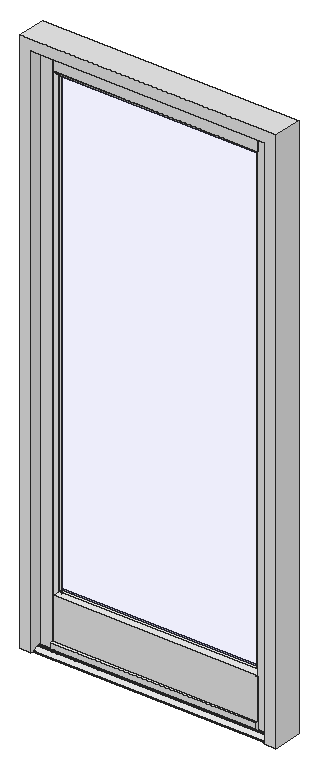
Revit family "kawneer-190-sgl-ctr-01_17316", category Doors, host Wall, Revit 2015
Parameters (values of type "3' x 7' B.R. 7 1/2"")
  URL = "http://www.kawneer.com/kawneer/north_america/en/product.asp?cat_id=1339&prod_id=1816"
  Type Comments = "CENTER HUNG"
  Thickness = 0' - 1 3/4"
  Rough Width = Width + 0' 4"  # 3' - 4"
  Rough Height = Height + 0' 2"  # 7' - 2"
  Product data url = "https://bimobject.com/kawneerna/product/16342"
  Operation = ""
  Model = "Single 190 Narrow Stile Door Center Set B.R. 7 1/2\""
  Manufacturer = "Kawneer"
  Height = 7' - 0"
  Wall Closure = By host
  Width = 3' - 0"
  Function = Interior
  Door Panel = Kawneer - Fluropon_Bone White-391X035
  Door Glazing = Glass
  Door Frame = Kawneer - Fluropon_Bone White-391X035
  Description = "The 190 Narrow Stile Entrance is enginResults in a slim look that meets virtually all construction requirements\r\neered for moderate traffic in applications such as stores, offices and apartment buildings. Vertical stile measures 2-1/8\" (54); top rail 2-1/4\" (57.2) and bottom rail 3-7/8\" (98.4).  "
  Bottom Rail Height = 0' - 7 1/2"
  Assembly Code = "B2030110"
Types (2): name | Model | Bottom Rail Height
  3' x 7' B.R. 3 7/8" | "Single 190 Narrow Stile Door Center Set B.R. 3 7/8\"" | 0' - 3 7/8"
  3' x 7' B.R. 7 1/2" | "Single 190 Narrow Stile Door Center Set B.R. 7 1/2\"" | 0' - 7 1/2"
Reference planes (in)
  plane 1: y = 0
  plane 2 "Center": x = 0
  plane 3 "Left": x = -18
  plane 4 "Right": x = 18
  plane 5 "Top": z = 84
  plane 6 "Glass center": y = 0.125
  plane 7: z = 8.1875
  plane 8: z = 0.6875
  plane 9: x = 16.03125
  plane 10: x = -16.03125
Forms (in)
  Sweep 1, solid, material "Kawneer - Fluropon_Bone White-391X035" <- "Door Frame"
    path origin (-60, 3, 0) x (-1, 0, 0) y (0, 0, 1)
      loop
        line (-78, 0) -> (-78, 84) -> (-42, 84) -> (-42, 0)
    profile origin (0, 0, 42) x (1, 0, 0) y (0, 1, 0)
      loop
        line (20, 2.25) -> (18.25, 2.25) -> (18.25, -2.25) -> (20, -2.25) -> (20, 2.25)
  Extrusion 2, solid, material "Glass" <- "Door Glazing"
    sketch origin (0, 0.125, 0) x (1, 0, 0) y (0, 0, 1)
      loop
        line (16, 8.375) -> (16, 82) -> (-15.84375, 82) -> (-15.84375, 8.375) -> (16, 8.375)
    from 0 to 0.25
  Extrusion 3, solid, material "Kawneer - Fluropon_Bone White-391X035" <- "Door Panel"
    sketch origin (0, -0.125, 0) x (0, 1, 0) y (0, 0, 1)
      loop
        line (-0.75, 84) -> (-0.75, 81.625) -> (-0.68484, 81.625) -> (-0.24521, 81.095) -> (-0.15138, 81.095) -> (0, 80.96232) -> (0, 81.4375) -> (0.24999, 81.4375) -> (0.24999, 80.94982) -> (0.40117, 81.095) -> (0.49715, 81.095) -> (0.93677, 81.625) -> (1, 81.625) -> (1, 84) -> (0.888, 84) -> (0.888, 83.25) -> (-0.612, 83.25) -> (-0.612, 84) -> (-0.75, 84)
    from -16.03125 to 16.03125
  Extrusion 4, solid, material "Kawneer - Fluropon_Bone White-391X035" <- "Door Panel"
    sketch origin (0, -1.625, 0.15278) x (0, 1, 0) y (0, 0, 1)
      loop
        line (2.5, 0.53472) -> (2.5, 8.03472) -> (2.43512, 8.03472) -> (2.0085, 8.56703) -> (1.94736, 8.56703)
        arc (1.94736, 8.56703) -> (1.82437, 8.6428) -> (1.75, 8.76663) r 0.30526
        line (1.75, 8.76663) -> (1.75, 8.22222) -> (1.5, 8.22222) -> (1.5, 8.76663)
        arc (1.5, 8.76663) -> (1.42562, 8.6428) -> (1.30264, 8.56703) r 0.30526
        line (1.30264, 8.56703) -> (1.2675, 8.56703) -> (0.82596, 8.03472) -> (0.75, 8.03472) -> (0.75, 1.5921) -> (0.51155, 1.52781) -> (0.51155, 0.64322) -> (0.59155, 0.64322) -> (0.71055, 0.41022)
        arc (0.71055, 0.41022) -> (0.74752, 0.3939) -> (0.76384, 0.43087) r 0.02858
        line (0.76384, 0.43087) -> (0.68155, 0.64322) -> (0.75, 0.64322) -> (0.75, 0.53472) -> (0.888, 0.53472) -> (0.888, 1.25347) -> (2.388, 1.25347) -> (2.388, 0.53472) -> (2.5, 0.53472)
      loop
        line (0.901, 1.37847) -> (2.375, 1.37847) -> (2.375, 7.53572)
        arc (2.375, 7.53572) -> (2.25594, 7.55359) -> (2.201, 7.66072) r 0.1319
        line (2.201, 7.66072) -> (2.201, 7.84722) -> (1.075, 7.84722) -> (1.075, 7.66072)
        arc (1.075, 7.66072) -> (1.02006, 7.55359) -> (0.901, 7.53572) r 0.1319
        line (0.901, 7.53572) -> (0.901, 1.37847)
    from -16.03125 to 16.03125
  Extrusion 5, solid, material "Kawneer - Fluropon_Bone White-391X035" <- "Door Frame"
    sketch origin (0, -1.625, 0) x (0, 1, 0) y (0, 0, 1)
      loop
        line (2.40824, 0.342) -> (2.82032, 0.342) -> (3.31016, 0.1166)
        arc (3.31016, 0.1166) -> (3.33645, 0.09372) -> (3.34624, 0.06027) r 0.062
        line (3.34624, 0.06027) -> (3.34624, 0) -> (3.62824, 0) -> (3.62824, 0.10205)
        arc (3.62824, 0.10205) -> (3.62318, 0.11931) -> (3.60962, 0.13112) r 0.032
        line (3.60962, 0.13112) -> (2.80798, 0.5) -> (2.67111, 0.5)
        arc (2.67111, 0.5) -> (2.63911, 0.468) -> (2.60711, 0.5) r 0.032
        line (2.60711, 0.5) -> (2.45311, 0.5)
        arc (2.45311, 0.5) -> (2.42111, 0.468) -> (2.38911, 0.5) r 0.032
        line (2.38911, 0.5) -> (2.25324, 0.5) -> (2.25324, 0.45) -> (1.00324, 0.45) -> (1.00324, 0.5) -> (0.86737, 0.5)
        arc (0.86737, 0.5) -> (0.83537, 0.468) -> (0.80337, 0.5) r 0.032
        line (0.80337, 0.5) -> (0.64937, 0.5)
        arc (0.64937, 0.5) -> (0.61737, 0.468) -> (0.58537, 0.5) r 0.032
        line (0.58537, 0.5) -> (0.4485, 0.5) -> (-0.35314, 0.13112)
        arc (-0.35314, 0.13112) -> (-0.36671, 0.11931) -> (-0.37176, 0.10205) r 0.032
        line (-0.37176, 0.10205) -> (-0.37176, 0) -> (-0.08976, 0) -> (-0.08976, 0.06027)
        arc (-0.08976, 0.06027) -> (-0.07997, 0.09372) -> (-0.05368, 0.1166) r 0.062
        line (-0.05368, 0.1166) -> (0.43616, 0.342) -> (0.84724, 0.342) -> (0.84724, 0.28492) -> (2.40824, 0.28492) -> (2.40824, 0.342)
    from -18.25 to 18.25
  Extrusion 6, solid, material "Kawneer - Fluropon_Bone White-391X035" <- "Door Panel"
    sketch origin (18.13178, 0, 0) x (-1, 0, 0) y (0, -1, 0)
      loop
        line (0.22766, -0.875) -> (2.10053, -0.875) -> (2.10053, -0.81012) -> (2.63053, -0.3705) -> (2.63053, -0.30936)
        arc (2.63053, -0.30936) -> (2.69364, -0.19967) -> (2.79581, -0.125) r 0.30526
        line (2.79581, -0.125) -> (2.28803, -0.125) -> (2.28803, 0.125) -> (2.79581, 0.125)
        arc (2.79581, 0.125) -> (2.69364, 0.19967) -> (2.63053, 0.30936) r 0.30526
        line (2.63053, 0.30936) -> (2.63053, 0.3705) -> (2.10053, 0.81012) -> (2.10053, 0.875) -> (0.22765, 0.875)
        arc (0.22765, 0.875) -> (0.12658, 0.56805) -> (0.06928, 0.25) r 2.3125
        line (0.06928, 0.25) -> (0.25578, 0.25)
        arc (0.25578, 0.25) -> (0.31928, 0.312) -> (0.38178, 0.249) r 0.063
        line (0.38178, 0.249) -> (0.38178, -0.249)
        arc (0.38178, -0.249) -> (0.31928, -0.312) -> (0.25578, -0.25) r 0.063
        line (0.25578, -0.25) -> (0.06928, -0.25)
        arc (0.06928, -0.25) -> (0.12658, -0.56805) -> (0.22766, -0.875) r 2.3125
    from 0.6875 to 84
  Extrusion 7, solid, material "Kawneer - Fluropon_Bone White-391X035" <- "Door Panel"
    sketch origin (-18.13178, 0, 0) x (1, 0, 0) y (0, 1, 0)
      loop
        arc (0.22766, 0.875) -> (0.12658, 0.56805) -> (0.06928, 0.25) r 2.3125
        line (0.06928, 0.25) -> (0.25578, 0.25)
        arc (0.25578, 0.25) -> (0.31928, 0.312) -> (0.38178, 0.249) r 0.063
        line (0.38178, 0.249) -> (0.38178, -0.249)
        arc (0.38178, -0.249) -> (0.31928, -0.312) -> (0.25578, -0.25) r 0.063
        line (0.25578, -0.25) -> (0.06928, -0.25)
        arc (0.06928, -0.25) -> (0.12658, -0.56805) -> (0.22765, -0.875) r 2.3125
        line (0.22765, -0.875) -> (2.10053, -0.875) -> (2.10053, -0.81012) -> (2.63053, -0.3705) -> (2.63053, -0.30936)
        arc (2.63053, -0.30936) -> (2.69364, -0.19967) -> (2.79581, -0.125) r 0.30526
        line (2.79581, -0.125) -> (2.28803, -0.125) -> (2.28803, 0.125) -> (2.79581, 0.125)
        arc (2.79581, 0.125) -> (2.69364, 0.19967) -> (2.63053, 0.30936) r 0.30526
        line (2.63053, 0.30936) -> (2.63053, 0.3705) -> (2.10053, 0.81012) -> (2.10053, 0.875) -> (0.22766, 0.875)
    from 0.6875 to 84
Lines and regions (in)
  Opening 1
    outline origin (-90, -3, 0) x (1, 0, 0) y (0, 0, 1)
      loop
        line (70, 0) -> (110, 0) -> (110, 86) -> (70, 86) -> (70, 0)
  symbolic lines, style "Elevation Swing"
    curve 1: line (18, 3, 0) -> (-18, 3, 42)
    curve 2: line (-18, 3, 42) -> (18, 3, 84)
  symbolic lines
    curve 3: line (-18, 1, 0) -> (-16.25, 1, 0)
    curve 4: line (-18, 38.25, 0) -> (-18, 1, 0)
    curve 5: line (-16.25, 38.25, 0) -> (-18, 38.25, 0)
    curve 6: line (-16.25, 1, 0) -> (-16.25, 38.25, 0)
    curve 7: arc (-18, 38.25, 0) -> (7.45584, 27.70584, 0) -> (18, 2.25, 0) r 36
Text (in)
  text "Exterior" at (-58.67754, 27.31104, 0), in view "Floor Line"
  text "Interior" at (-58.34764, -25.14366, 0), in view "Floor Line"
  text "Exterior" at (0, 40.15149, 123.01588), in view "Right"
  text "Interior" at (0, -64.39139, 123.01588), in view "Right"
  text "Interior" at (0, -31.01599, 123.00693), in view "Left"
  text "Exterior" at (0, 54.57065, 123.00693), in view "Left"
Dimensions and locks (in)
  equal spacing: plane 3 "Left", plane 2 "Center", plane 4 "Right"
  "Height": level to plane 5 "Top"
  "Width": plane 3 "Left" to plane 4 "Right"
  equal spacing: host wall, curve 2, plane 5 "Top"
  locked: plane 4 "Right" to Opening 1 sketch curve at 2
  locked: Opening 1 sketch curve to plane 3 "Left" at 2
  locked: plane 5 "Top" to Opening 1 sketch curve at 2
  locked: Sweep 1 sketch curve to Sweep 1 sketch curve at 4.5
  locked: profile plane to Sweep 1 sketch curve at 2
  "Width": curve 5 to Sweep 1
  "Thickness": plane 3 "Left" to curve 6
  locked: Sweep 1 to Sweep 1 at 1.75  (x2)
  locked: Extrusion 3 sketch curve to plane 5 "Top" at 2.375
  locked: plane 8 to level at 0.6875
  "Bottom Rail Height": plane 7 to plane 8
  locked: Extrusion 3 sketch curve to Extrusion 3 sketch curve at 1.75
  Extrusion 3 to host wall = 0' - 2 1/8"
  equal spacing: Sweep 1 sketch curve, host wall, Sweep 1 sketch curve
  locked: plane 9 to plane 4 "Right" at 1.96875
  locked: Extrusion 7 sketch curve to Extrusion 7 sketch curve at 2.03126
  locked: plane 3 "Left" to plane 10 at 1.96875
  aligned and locked: Opening 1 sketch curve to level
  aligned and locked: plane 4 "Right" to curve 1
  aligned and locked: plane 3 "Left" to curve 1
  aligned and locked: plane 5 "Top" to curve 2
  aligned and locked: plane 4 "Right" to Sweep 1 sketch curve
  aligned and locked: Sweep 1 sketch curve to plane 3 "Left"
  aligned and locked: plane 5 "Top" to Sweep 1 sketch curve
  aligned and locked: Extrusion 3 sketch curve to Extrusion 3 sketch curve
  aligned and locked: plane 7 to Extrusion 4 sketch curve  (x2)
  aligned and locked: Extrusion 2 to Extrusion 4
  aligned and locked: plane 8 to Extrusion 4
  aligned and locked: Extrusion 3 to plane 5 "Top"  (x2)
  aligned and locked: plane 9 to Extrusion 6
  aligned and locked: Extrusion 6 to plane 9
  aligned and locked: plane 9 to Extrusion 4
  aligned and locked: plane 10 to Extrusion 3
  aligned and locked: plane 9 to Extrusion 3
  aligned and locked: Extrusion 7 sketch curve to Extrusion 7 sketch curve
  aligned and locked: plane 10 to Extrusion 7
  aligned and locked: Extrusion 2 to Extrusion 7
  aligned and locked: Extrusion 5 to Sweep 1  (x2)
  aligned and locked: Extrusion 4 to Extrusion 7
Automatic sketch dimensions
  curve 3 to plane 3 "Left" = 0' - 0"
  curve 7 to plane 4 "Right" = 0' - 0"
  curve 3 to plane 6 "Glass center" = 0' - 0 7/8"
  curve 1 to level = 0' - 0"
  curve 2 to plane 4 "Right" = 0' - 0"
  Sweep 1 sketch curve to level = 0' - 0"  (x2)
  Sweep 1 sketch curve to profile plane = 0' - 0 1/4"
  Extrusion 2 sketch curve to plane 10 = 0' - 0 3/16"
  Extrusion 2 sketch curve to plane 9 = 0' - 0 1/32"
  plane 7 to Extrusion 2 sketch curve = 0' - 0 3/16"
  plane 5 "Top" to Extrusion 2 sketch curve = 0' - 2"
  Extrusion 3 sketch curve to plane 5 "Top" = 0' - 0"  (x2)
  Extrusion 3 sketch curve to plane 6 "Glass center" = 0' - 0"
  host wall to Extrusion 3 sketch curve = 0' - 0 1/8"
  Extrusion 3 sketch curve to Extrusion 3 sketch curve = 0' - 0.15138"
  Extrusion 3 sketch curve to Extrusion 3 sketch curve = 0' - 0.09383"
  host wall to Extrusion 3 sketch curve = 0' - 0.737"
  Extrusion 3 sketch curve to Extrusion 3 sketch curve = 0' - 0.43962"
  Extrusion 3 sketch curve to Extrusion 3 sketch curve = 0' - 0.138"
  Extrusion 3 sketch curve to plane 6 "Glass center" = 0' - 0.15117"
  Extrusion 3 sketch curve to Extrusion 3 sketch curve = 0' - 0.09598"
  Extrusion 3 sketch curve to Extrusion 3 sketch curve = 0' - 0.112"
  Extrusion 3 sketch curve to Extrusion 3 sketch curve = 0' - 0.06323"
  Extrusion 3 sketch curve to Extrusion 3 sketch curve = 0' - 0 3/16"
  Extrusion 3 sketch curve to Extrusion 3 sketch curve = 0' - 0.3425"  (x2)
  Extrusion 3 sketch curve to Extrusion 3 sketch curve = 0' - 0.13269"
  Extrusion 3 sketch curve to Extrusion 3 sketch curve = 0' - 0.14518"
  plane 5 "Top" to Extrusion 3 sketch curve = 0' - 0 3/4"
  Extrusion 4 sketch curve to plane 8 = 0' - 0"  (x2)
  Extrusion 4 sketch curve to plane 6 "Glass center" = 0' - 0"
  host wall to Extrusion 4 sketch curve = 0' - 0 1/8"
  Extrusion 4 sketch curve to Extrusion 4 sketch curve = 0' - 0.19736"
  Extrusion 4 sketch curve to Extrusion 4 sketch curve = 0' - 0 9/256"
  Extrusion 4 sketch curve to Extrusion 4 sketch curve = 0' - 0.05894"
  host wall to Extrusion 4 sketch curve = 0' - 0.55"
  Extrusion 4 sketch curve to Extrusion 4 sketch curve = 0' - 0.1319"  (x2)
  Extrusion 4 sketch curve to Extrusion 4 sketch curve = 0' - 0.0421"  (x2)
  Extrusion 4 sketch curve to Extrusion 4 sketch curve = 0' - 0.013"
  Extrusion 4 sketch curve to Extrusion 4 sketch curve = 0' - 0.24904"
  Extrusion 4 sketch curve to plane 8 = 0' - 0.10384"
  Extrusion 4 sketch curve to Extrusion 4 sketch curve = 0' - 0.12416"
  Extrusion 4 sketch curve to Extrusion 4 sketch curve = 0' - 0.01384"
  Extrusion 4 sketch curve to Extrusion 4 sketch curve = 0' - 0.07596"
  Extrusion 4 sketch curve to Extrusion 4 sketch curve = 0' - 0.02665"  (x2)
  Extrusion 4 sketch curve to plane 8 = 0' - 0.1245"
  Extrusion 4 sketch curve to Extrusion 4 sketch curve = 0' - 0.06845"
  plane 8 to Extrusion 4 sketch curve = 0' - 0.1085"
  Extrusion 4 sketch curve to Extrusion 4 sketch curve = 0' - 0.09"
  Extrusion 4 sketch curve to Extrusion 4 sketch curve = 0' - 0.23845"
  Extrusion 4 sketch curve to plane 6 "Glass center" = 0' - 0.19736"
  Extrusion 4 sketch curve to Extrusion 4 sketch curve = 0' - 0.06114"
  Extrusion 4 sketch curve to plane 6 "Glass center" = 0' - 0.29144"
  Extrusion 4 sketch curve to plane 6 "Glass center" = 0' - 0.451"
  Extrusion 4 sketch curve to plane 6 "Glass center" = 0' - 0.638"
  Extrusion 4 sketch curve to Extrusion 4 sketch curve = 0' - 0.23412"
  Extrusion 4 sketch curve to Extrusion 4 sketch curve = 0' - 0.06488"
  Extrusion 4 sketch curve to Extrusion 4 sketch curve = 0' - 0"  (x2)
  plane 8 to Extrusion 4 sketch curve = 0' - 0 23/32"
  Extrusion 4 sketch curve to Extrusion 4 sketch curve = 0' - 0 1/8"
  Extrusion 4 sketch curve to Extrusion 4 sketch curve = 0' - 0.14935"
  Extrusion 4 sketch curve to Extrusion 4 sketch curve = 0' - 0.06429"
  Extrusion 4 sketch curve to plane 7 = 0' - 0.499"  (x2)
  Extrusion 4 sketch curve to Extrusion 4 sketch curve = 0' - 0.1865"
  plane 7 to Extrusion 4 sketch curve = 0' - 0 3/16"
  Extrusion 4 sketch curve to Extrusion 4 sketch curve = 0' - 0.34482"  (x2)
  Extrusion 4 sketch curve to Extrusion 4 sketch curve = 0' - 0.1996"
  Extrusion 5 sketch curve to level = 0' - 0"  (x2)
  level to Extrusion 5 sketch curve = 0' - 0.10205"  (x2)
  Extrusion 5 sketch curve to host wall = 0' - 1.00324"
  level to Extrusion 5 sketch curve = 0' - 0.13112"
  Extrusion 5 sketch curve to Extrusion 5 sketch curve = 0' - 0.01862"
  level to Extrusion 5 sketch curve = 0' - 0.06027"  (x2)
  Extrusion 5 sketch curve to Extrusion 5 sketch curve = 0' - 0 1/4"  (x2)
  level to Extrusion 5 sketch curve = 0' - 0.1166"
  Extrusion 5 sketch curve to Extrusion 5 sketch curve = 0' - 0.03608"
  level to Extrusion 5 sketch curve = 0' - 0.342"  (x2)
  Extrusion 5 sketch curve to Extrusion 5 sketch curve = 0' - 0.48984"
  Extrusion 5 sketch curve to plane 8 = 0' - 0 3/16"
  Extrusion 5 sketch curve to Extrusion 5 sketch curve = 0' - 0.01233"  (x2)
  Extrusion 5 sketch curve to Extrusion 5 sketch curve = 0' - 0.13687"  (x2)
  Extrusion 5 sketch curve to Extrusion 5 sketch curve = 0' - 0.032"  (x5)
  Extrusion 5 sketch curve to Extrusion 5 sketch curve = 0' - 0.154"  (x2)
  Extrusion 5 sketch curve to Extrusion 5 sketch curve = 0' - 0.01187"
  Extrusion 5 sketch curve to Extrusion 5 sketch curve = 0' - 0.13587"  (x2)
  Extrusion 5 sketch curve to plane 8 = 0' - 0.2375"
  Extrusion 5 sketch curve to plane 6 "Glass center" = 0' - 0.50324"
  Extrusion 5 sketch curve to Extrusion 5 sketch curve = 0' - 0.01913"
  Extrusion 5 sketch curve to Extrusion 5 sketch curve = 0' - 0.46392"
  Extrusion 5 sketch curve to Extrusion 5 sketch curve = 0' - 0.02592"
  Extrusion 5 sketch curve to Extrusion 5 sketch curve = 0' - 0.062"
  Extrusion 5 sketch curve to Extrusion 5 sketch curve = 0' - 0.01338"
  Extrusion 5 sketch curve to Extrusion 5 sketch curve = 0' - 0.05708"
  Extrusion 5 sketch curve to Extrusion 5 sketch curve = 0' - 0.05"
  Extrusion 6 sketch curve to Extrusion 6 sketch curve = 0' - 0"  (x2)
  Extrusion 6 sketch curve to plane 9 = 0' - 0"  (x2)
  Extrusion 6 sketch curve to plane 6 "Glass center" = 0' - 0"
  Extrusion 6 sketch curve to host wall = 0' - 0"
  plane 4 "Right" to Extrusion 6 sketch curve = 0' - 0 1/4"
  Extrusion 6 sketch curve to Extrusion 6 sketch curve = 0' - 0.063"  (x2)
  Extrusion 6 sketch curve to Extrusion 6 sketch curve = 0' - 0.06299"  (x2)
  plane 4 "Right" to Extrusion 6 sketch curve = 0' - 0.09587"  (x2)
  Extrusion 6 sketch curve to plane 4 "Right" = 0' - 0 1/16"  (x2)
  Extrusion 6 sketch curve to plane 9 = 0' - 0 3/16"
  Extrusion 6 sketch curve to Extrusion 6 sketch curve = 0' - 0.08019"
  Extrusion 6 sketch curve to Extrusion 6 sketch curve = 0' - 0.3425"  (x2)
  Extrusion 6 sketch curve to Extrusion 6 sketch curve = 0' - 0.16528"  (x2)
  host wall to Extrusion 6 sketch curve = 0' - 0 1/8"
  Extrusion 6 sketch curve to Extrusion 6 sketch curve = 0' - 0.2904"  (x2)
  Extrusion 6 sketch curve to plane 6 "Glass center" = 0' - 0.124"
  Extrusion 6 sketch curve to Extrusion 6 sketch curve = 0' - 0.18436"  (x2)
  Extrusion 6 sketch curve to Extrusion 6 sketch curve = 0' - 0.06114"  (x2)
  Extrusion 6 sketch curve to Extrusion 6 sketch curve = 0' - 0.06488"  (x2)
  host wall to Extrusion 6 sketch curve = 0' - 0.249"
  Extrusion 7 sketch curve to Extrusion 7 sketch curve = 0' - 0"  (x2)
  Extrusion 7 sketch curve to plane 6 "Glass center" = 0' - 0"
  Extrusion 7 sketch curve to host wall = 0' - 0"
  plane 3 "Left" to Extrusion 7 sketch curve = 0' - 0 1/16"  (x2)
  Extrusion 7 sketch curve to plane 3 "Left" = 0' - 0.09587"  (x2)
  Extrusion 7 sketch curve to plane 3 "Left" = 0' - 0.124"  (x2)
  Extrusion 7 sketch curve to Extrusion 7 sketch curve = 0' - 0.06299"  (x2)
  Extrusion 7 sketch curve to Extrusion 7 sketch curve = 0' - 0.063"
  Extrusion 7 sketch curve to plane 6 "Glass center" = 0' - 0.68512"
  Extrusion 7 sketch curve to Extrusion 7 sketch curve = 0' - 0 3/16"
  Extrusion 7 sketch curve to Extrusion 7 sketch curve = 0' - 0.08019"
  host wall to Extrusion 7 sketch curve = 0' - 0.3705"
  Extrusion 7 sketch curve to Extrusion 7 sketch curve = 0' - 0.3425"  (x2)
  Extrusion 7 sketch curve to plane 6 "Glass center" = 0' - 0.2455"
  Extrusion 7 sketch curve to Extrusion 7 sketch curve = 0' - 0.16528"  (x2)
  host wall to Extrusion 7 sketch curve = 0' - 0 1/8"
  Extrusion 7 sketch curve to Extrusion 7 sketch curve = 0' - 0.2904"  (x2)
  Extrusion 7 sketch curve to Extrusion 7 sketch curve = 0' - 0.03294"
  Extrusion 7 sketch curve to Extrusion 7 sketch curve = 0' - 0.43962"
  host wall to Extrusion 7 sketch curve = 0' - 0 7/8"
  Extrusion 7 sketch curve to plane 6 "Glass center" = 0' - 0.124"
  Extrusion 7 sketch curve to Extrusion 7 sketch curve = 0' - 0.06114"
